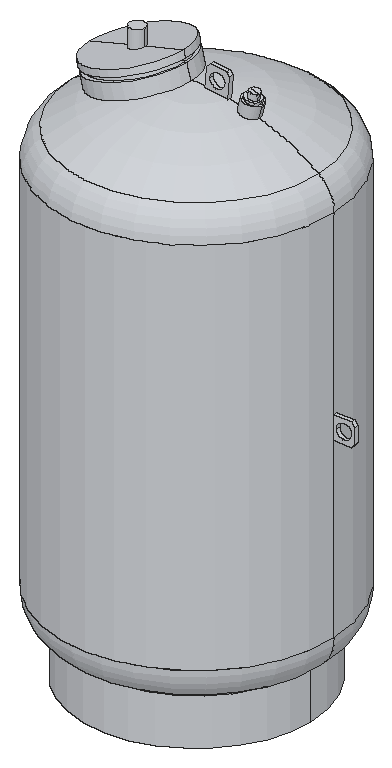
Revit family
Parameters (values of type "1000L 125# W.P.")
  Weight = "609"
  Tank Volume = "264 Gallons"
  Tank Only = 67.875"
  Tank Height = 69.500"
  Tank Diameter = "36"
  Pipe Connector Diameter = Pipe Connection Radius * 2  # 1.500"
  Pipe Connection Radius = 0.750"
  Model = "1000L"
  Max Operating Temp = "240 Deg F"
  Max Operating Pressure = "125 PSI"
  Manufacturer = "Amtrol"
  Lifting Ring Location = (Tank Only / 2) + 1.625"  # 35.5625"
  Floor to Bottom of Tank = 1.625"
  Bladder/Diaphragm = "Bladder"
  ASME = yes
Types (16): name | Weight | Tank Volume | Tank Only | Tank Height | Model | Max Operating Pressure | Lifting Ring Location
  (no name) | "609" | "264 Gallons" | 67.875" | 69.500" | "1000L" | "125 PSI" | 35.5625"
  1000L 125# W.P. | "609" | "264 Gallons" | 67.875" | 69.500" | "1000L" | "125 PSI" | 35.5625"
  1000L 150# W.P. 10 BAR | "750" | "264 Gallons" | 67.875" | 69.500" | "1000L" | "150 PSI" | 35.5625"
  1000L 175# W.P. | "750" | "264 Gallons" | 67.875" | 69.500" | "1000L" | "175 PSI" | 35.5625"
  1000L 250# W.P. | "1015" | "264 Gallons" | 67.875" | 69.500" | "1000L" | "250 PSI" | 35.5625"
  1000L 300# W.P. | "1065" | "264 Gallons" | 67.875" | 69.500" | "1000L" | "250 PSI" | 35.5625"
  1200L 125# W.P. | "700" | "317 Gallons" | 80.250" | 81.875" | "1200L" | "125 PSI" | 41.750"
  1200L 150# W.P. 10 BAR | "860" | "317 Gallons" | 80.250" | 81.875" | "1200L" | "150 PSI" | 41.750"
  1200L 175# W.P. | "860" | "317 Gallons" | 80.250" | 81.875" | "1200L" | "175 PSI" | 41.750"
  1200L 250# W.P. | "1175" | "317 Gallons" | 80.250" | 81.875" | "1200L" | "250 PSI" | 41.750"
  1200L 300# W.P. | "1235" | "317 Gallons" | 80.250" | 81.875" | "1200L" | "300 PSI" | 41.750"
  1400L 125# W.P. | "783" | "370 Gallons" | 92.625" | 94.250" | "1400L" | "125 PSI" | 47.9375"
  1400L 150# W.P. 10 BAR | "970" | "370 Gallons" | 92.625" | 94.250" | "1400L" | "150 PSI" | 47.9375"
  1400L 175# W.P. | "970" | "370 Gallons" | 92.625" | 94.250" | "1400L" | "175 PSI" | 47.9375"
  1400L 250# W.P. | "1335" | "370 Gallons" | 92.625" | 94.250" | "1400L" | "250 PSI" | 47.9375"
  1400L 300# W.P. | "1400" | "370 Gallons" | 92.625" | 94.250" | "1400L" | "300 PSI" | 47.9375"
Reference planes (in)
  plane 1 "Center (Front/Back)": y = 0
  plane 2: z = 0
  plane 3 "Center (Left/Right)": x = 0
  plane 4: through (-0.27407, -0.71225, 48) normal (0.4226, 0.9063, 0)
Forms (in)
  Revolve 1, solid
    sketch origin (2.31035, 0, 35.66956) x (1, 0, 0) y (0, 0, 1)
      loop
        line (4.64715, 32.74792) -> (5.8746, 32.41902) -> (6.32015, 34.08183) -> (6.07867, 34.14654) -> (6.1514, 34.41796) -> (5.77662, 34.51839) -> (5.97073, 35.24283) -> (5.35955, 35.4066) -> (4.64715, 32.74792)
      axis (4.64715, 32.74792) -> (5.35955, 35.4066)
    angle from 0 to 360
  Sweep 2, solid
    path origin (-2.44052, 0, 36.51758) x (1, 0, 0) y (0, 0, 1)
      loop
        line (-5.27301, 33.80124) -> (-5.27301, 36.891)
    profile origin (-7.71353, 0, 71.8637) x (-1, 0, 0) y (0, -1, 0)
      loop
        circle (0, 0) r 1
  Revolve 3, solid
    sketch origin (0, 0, 0) x (1, 0, 0) y (0, 0, 1)
      loop
        line (-15, 0) -> (-14.8125, 0) -> (-14.8125, 6.5) -> (-15, 6.5) -> (-15, 0)
      axis (0, 0) -> (0, 6.5)
    angle from 0 to 360
  Extrusion 4, solid
    sketch origin (0, 0, 0) x (1, 0, 0) y (0, 0, 1)
      loop
        line (17.69188, 37.06207) -> (17.69188, 34.06207) -> (20.44188, 34.06207) -> (20.94188, 34.56207) -> (20.94188, 36.56207) -> (20.44188, 37.06207) -> (17.69188, 37.06207)
      loop
        circle (19.49957, 35.5625) r 1
    from -0.23956 to 0.25
  Extrusion 5, solid
    sketch origin (0.7889, 0, 9.29775) x (1, 0, 0) y (0, 0, 1)
      loop
        line (0.55477, 59.69981) -> (3.54335, 59.43834) -> (3.81183, 62.50707) -> (3.3503, 62.9686) -> (1.35791, 63.14291) -> (0.80788, 62.59288) -> (0.55477, 59.69981)
      loop
        circle (2.21248, 61.43694) r 1
    from -0.23956 to 0.25
  Revolve 6, solid
    sketch origin (0, 0, 0) x (1, 0, 0) y (0, 0, 1)
      loop
        line (0, 69.5) -> (0, 1.625)
        arc (0, 1.625) -> (8.39481, 2.95133) -> (15.9671, 6.81037) r 27.125
        arc (15.9671, 6.81037) -> (17.4623, 8.56185) -> (17.99973, 10.80116) r 4.934
        line (17.99973, 10.80116) -> (17.99973, 60.49204)
        arc (17.99973, 60.49204) -> (17.42595, 62.63475) -> (15.97146, 64.30955) r 4.9338
        arc (15.97146, 64.30955) -> (8.39754, 68.17193) -> (0, 69.5) r 27.125
      axis (0, 1.625) -> (0, 69.5)
    angle from 0 to 360
  Revolve 7, solid
    sketch origin (0, 0, 0) x (1, 0, 0) y (0, 0, 1)
      loop
        line (-7.70132, 71.07658) -> (-6.74693, 67.51473) -> (-0.61933, 69.15661) -> (-1.20168, 71.32994) -> (-1.68464, 71.20053) -> (-1.83023, 71.74387) -> (-1.34726, 71.87328) -> (-1.57373, 72.71846) -> (-7.70132, 71.07658)
      axis (-6.74693, 67.51473) -> (-7.70132, 71.07658)
    angle from 0 to 360
  Revolve 8, solid
    sketch origin (0, 0, 0) x (1, 0, 0) y (0, 0, 1)
      loop
        line (-17.84497, 5.36093) -> (-17.49142, 5.00738) -> (-17.00933, 5.58191) -> (-16.76792, 5.3405) -> (-16.57494, 5.53349) -> (-16.36026, 5.31881) -> (-15.32651, 6.55079) -> (-16.17363, 7.26161) -> (-17.84497, 5.36093)
      axis (-16.15673, 7.28083) -> (-17.86613, 5.33687)
    angle from 0 to 360
Dimensions and locks (in)
  locked: Revolve 1 sketch curve to Revolve 1 sketch curve at 1.72147
  locked: Revolve 1 sketch curve to Revolve 1 sketch curve at 2.00247
  locked: Revolve 1 sketch curve to Revolve 1 sketch curve at 2.75247
  locked: Extrusion 4 sketch curve to Extrusion 4 sketch curve at 3
  Extrusion 4 sketch curve to Extrusion 4 sketch curve = 3.250"
  "Lifting Ring Location": Extrusion 4 sketch curve to level
  Extrusion 5 sketch curve to Extrusion 5 sketch curve = 3.500"
  Extrusion 5 sketch curve to Extrusion 5 sketch curve = 3.000"
  "Tank Only": Revolve 6 sketch curve to Revolve 6 sketch curve
  "Floor to Bottom of Tank": Revolve 6 sketch curve to level
  locked: Revolve 6 sketch curve to Revolve 6 sketch curve at 17.99973
  Revolve 6 sketch curve to Revolve 6 sketch curve = 22.1912"
  Extrusion 5 sketch curve to Revolve 6 = 8.24406"
  Extrusion 5 sketch curve to Revolve 6 = 8.50552"
  Revolve 1 sketch curve to Revolve 6 = 7.59654"
  Revolve 1 sketch curve to Revolve 6 = 7.92544"
  Extrusion 4 sketch curve to Extrusion 4 sketch curve = 0.80768"
  locked: Revolve 7 sketch curve to Revolve 6 at 7.02269
  Revolve 7 sketch curve to Revolve 6 = 8.66457"
  Revolve 7 sketch curve to Revolve 7 sketch curve = 2.250"
  Revolve 7 sketch curve to Revolve 7 sketch curve = 2.8125"
  Revolve 7 sketch curve to Revolve 7 sketch curve = 3.6875"
  Revolve 7 sketch curve to Revolve 7 sketch curve = 6.34375"
  Sweep 2 sketch curve to Revolve 6 = 9.82678"
  Revolve 8 sketch curve to Revolve 8 sketch curve = 1.60823"
  Revolve 8 sketch curve to Revolve 8 sketch curve = 1.88215"
  Revolve 8 sketch curve to Revolve 8 sketch curve = 2.5739"
  locked: plane 3 "Center (Left/Right)" to Sweep 2 sketch curve at 7.71353
  radius of Extrusion 4 sketch curve = 1.000"
  radius of Revolve 6 sketch curve = 27.125"
  radius of Revolve 6 sketch curve = 4.9338"
  angle Extrusion 5 sketch curve to plane 3 "Center (Left/Right)" = 5.00°
  aligned and locked: Revolve 1 sketch curve to Revolve 1 sketch curve
  aligned and locked: Revolve 3 sketch curve to level
  aligned and locked: level to Revolve 3 sketch curve
  aligned and locked: plane 3 "Center (Left/Right)" to Revolve 3 sketch curve
  aligned: plane 1 "Center (Front/Back)" to Extrusion 4
  aligned and locked: Revolve 6 sketch curve to Revolve 3
  aligned and locked: plane 3 "Center (Left/Right)" to Revolve 6 sketch curve
  aligned and locked: Revolve 8 sketch curve to Revolve 8 sketch curve
  aligned and locked: plane 3 "Center (Left/Right)" to import instance
  aligned and locked: import instance to plane 1 "Center (Front/Back)"
Automatic sketch dimensions
  Revolve 1 sketch curve to Revolve 1 sketch curve = 0.38839"
  Revolve 1 sketch curve to Revolve 1 sketch curve = 0.54353"
  Revolve 1 sketch curve to Revolve 1 sketch curve = 0.62319"
  Revolve 1 sketch curve to Revolve 1 sketch curve = 0.24148"
  Sweep 2 sketch curve to Sweep 2 sketch curve = 3.08976"
  plane 1 "Center (Front/Back)" to Sweep 2 sketch curve = 0.000"
  Sweep 2 sketch curve to profile plane = 0.000"
  plane 3 "Center (Left/Right)" to Revolve 1 sketch curve = 6.56911"
  Revolve 1 sketch curve to Revolve 1 sketch curve = 0.41707"
  plane 3 "Center (Left/Right)" to Extrusion 4 sketch curve = 17.69188"
  Extrusion 4 sketch curve to Extrusion 4 sketch curve = 0.94232"
  Extrusion 4 sketch curve to Extrusion 4 sketch curve = 0.500"  (x3)
  Extrusion 4 sketch curve to Extrusion 4 sketch curve = 0.99957"
  plane 3 "Center (Left/Right)" to Extrusion 5 sketch curve = 1.34367"
  Extrusion 5 sketch curve to Extrusion 5 sketch curve = 0.55003"  (x2)
  Extrusion 5 sketch curve to Extrusion 5 sketch curve = 1.4046"
  Extrusion 5 sketch curve to Extrusion 5 sketch curve = 0.46153"  (x2)
  Extrusion 5 sketch curve to Extrusion 5 sketch curve = 1.15594"
  Revolve 6 sketch curve to plane 3 "Center (Left/Right)" = 0.000"
  plane 3 "Center (Left/Right)" to Revolve 6 sketch curve = 0.01397"
  plane 3 "Center (Left/Right)" to Revolve 6 sketch curve = 0.0166"
  Revolve 6 sketch curve to Revolve 6 sketch curve = 4.934"
  Revolve 6 sketch curve to Revolve 6 sketch curve = 4.93079"
  Revolve 6 sketch curve to Revolve 6 sketch curve = 2.03263"
  Revolve 6 sketch curve to Revolve 6 sketch curve = 0.000"  (x2)
  Revolve 6 sketch curve to Revolve 6 sketch curve = 2.02827"
  Revolve 6 sketch curve to Revolve 6 sketch curve = 17.500"
  Revolve 7 sketch curve to Revolve 7 sketch curve = 0.96413"
  Revolve 7 sketch curve to Revolve 7 sketch curve = 0.60496"
  Revolve 7 sketch curve to plane 3 "Center (Left/Right)" = 1.83023"
  Revolve 7 sketch curve to Revolve 7 sketch curve = 0.14559"
  Revolve 7 sketch curve to Revolve 7 sketch curve = 0.2565"
  Revolve 7 sketch curve to Revolve 7 sketch curve = 0.48296"
  Revolve 3 sketch curve to plane 3 "Center (Left/Right)" = 0.000"
  Revolve 3 sketch curve to Revolve 3 sketch curve = 0.1875"
  level to Revolve 3 sketch curve = 6.500"
  Revolve 3 sketch curve to Revolve 3 sketch curve = 7.98627"
  level to Revolve 8 sketch curve = 5.02462"
  level to Revolve 8 sketch curve = 5.36093"
  Revolve 8 sketch curve to Revolve 8 sketch curve = 0.29573"
  level to Revolve 8 sketch curve = 5.00738"
  Revolve 8 sketch curve to Revolve 8 sketch curve = 0.35355"
  Revolve 8 sketch curve to Revolve 8 sketch curve = 0.48209"
  level to Revolve 8 sketch curve = 5.3405"
  Revolve 8 sketch curve to Revolve 8 sketch curve = 0.24141"
  level to Revolve 8 sketch curve = 5.31881"
  Revolve 8 sketch curve to Revolve 8 sketch curve = 0.40131"
  Revolve 8 sketch curve to Revolve 8 sketch curve = 0.27586"
  Revolve 3 sketch curve to plane 3 "Center (Left/Right)" = 14.8125"
  Revolve 8 sketch curve to plane 3 "Center (Left/Right)" = 18.1407"
  radius of Sweep 2 sketch curve = 1.000"
  radius of Extrusion 5 sketch curve = 1.000"
Connectors (in)
  piping at (-7.71353, 0, 73.40858), driven by "Pipe Connection Radius"
    settings: on Sweep 2, index 1
